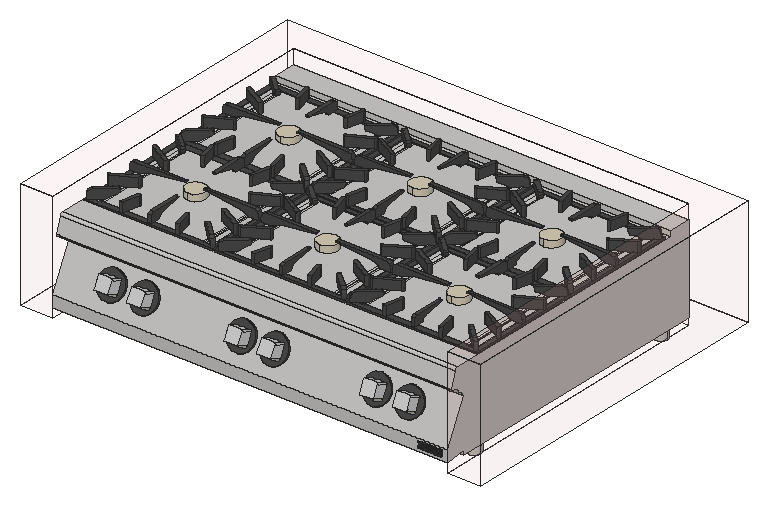
Revit family "QF_ZANUSSI_392033_Z9GCGL6C00", category Attrezzature speciali, Revit 2020
Family settings
  Quota connettore circolare = Usa diametro
  Tipo di parte = Normale
  Basato su piano di lavoro = No
  Sempre verticale = Sì
  Taglio con vuoti quando caricato = No
  Condiviso = No
  Punto di calcolo locali = No
Parameters (values of type "Standard")
  Weight = 85.00 kg
  Watts = 0 W
  Volts = 0 V
  URL Manufacturer = "http://www.zanussiprofessional.com"
  URL = "http://www.zanussiprofessional.com"
  Steam Supply Size = 0 mm
  Steam Supply Minimum Pressure = 0.0 Pa
  Steam Supply Maximum Pressure = 0.0 Pa
  Steam Consumption per Hour = 0
  Show Logo [instance] = yes
  Show Clearance [instance] = yes
  Refrigeration Suction Line Size = 0 mm
  Refrigeration Liquid Line Size = 0 mm
  Refrigerant Compressor Remote = yes
  Prospetto di default = 0 mm
  Produttore = "Zanussi"
  Phase = 0
  Modello = "Z9GCGL6C00"
  Length Actual = 1200 mm  # constant formula
  Item Number = "392033"
  Hot Water Size = 0 mm
  Height Actual = 250 mm  # constant formula
  HP = "0 HP"
  Gas Size = 12.7 mm
  Gas KW = 44
  Gas Input Pressure = 0.432928 W
  Direct Waste Size = 0 mm
  Descrizione = "6-BURNER(CAST IRON) GAS BOILING TOP 1200"
  Depth Actual = 900 mm  # constant formula
  Cycle = 0 Hz
  Condensate Return Size = 0 mm
  Compressed Air Volume = 0.0 L/s
  Compressed Air Size = 0 mm
  Compressed Air Pressure = 0.0 Pa
  Cold Water Size = 0 mm
  Accessory = yes
Reference planes
  plane 1 "Back": y = 0
  plane 2: z = 0
  plane 3 "Left": x = 0
  plane 4: x = 1200
  plane 5: z = 275
  plane 6: x = 600
  plane 7: y = 100
  plane 8: x = 1300
  plane 9: x = -100
  plane 10: y = -82
  plane 11: y = -790
  plane 12: y = -915
Forms (mm)
  Extrusion 1, solid, material "QF_Finishes_Stainless Steel"
    sketch origin (0, 0, 1) x (0, 1, 0) y (0, 0, 1)
      loop
        line (0, 23) -> (0, 289) -> (-69.85, 289) -> (-69.85, 274) -> (-879.358, 274)
        arc (-879.358, 274) -> (-884.643, 271.811) -> (-886.833, 266.526) r 7.474
        line (-886.833, 266.526) -> (-899.884, 221.011)
        arc (-899.884, 221.011) -> (-899.396, 218.379) -> (-897, 217.184) r 3
        line (-897, 217.184) -> (-886.802, 217.184) -> (-854.982, 185.364) -> (-915, 64.508) -> (-915, 29.508) -> (-858.645, 37.428)
        arc (-858.645, 37.428) -> (-856.101, 36.674) -> (-855, 34.259) r 3.2
        line (-855, 34.259) -> (-855, 23) -> (0, 23)
    from 0 to 1200
  Extrusion 2, solid, material "QF_Finishes_Clearance", visible <- "Show Clearance"
    sketch origin (0, 0, 0) x (1, 0, 0) y (0, 1, 0)
      loop
        line (0, -915) -> (0, 0) -> (1200, 0) -> (1200, -915) -> (1300, -915) -> (1300, 100) -> (-100, 100) -> (-100, -915) -> (0, -915)
    from 0 to 332.769
  Extrusion 3, solid, material "QF_Finishes_Stainless Steel"
    sketch origin (95.958, 6.577, 541) x (-1, 0, 0) y (0, 0, -1)
      loop
        circle (-1052.042, 464) r 6.35
    from -1.278 to 6.577
  Extrusion 4, solid, material "QF_Finishes_Stainless Steel"
    sketch origin (95.958, -202, 17.423) x (-1, 0, 0) y (0, -1, 0)
      loop
        circle (-1052.042, 464) r 6.35
    from -1.278 to 6.577
Dimensions and locks
  plane 3 "Left" to plane 4 = 1200 mm
  plane 5 to level = 275 mm
  equal spacing: plane 3 "Left", plane 6, plane 4
  plane 1 "Back" to plane 7 = 100 mm
  plane 9 to plane 3 "Left" = 100 mm
  plane 4 to plane 8 = 100 mm
  Extrusion 2 to Extrusion 1 sketch curve = 915 mm
  plane 1 "Back" to plane 10 to plane 11 to Extrusion 2 = 82 mm, 708 mm, 125 mm
  plane 1 "Back" to plane 12 = 915 mm
  aligned and locked: level to plane 2
Automatic sketch dimensions
  Extrusion 2 sketch curve to plane 9 = 0 mm
  Extrusion 2 sketch curve to plane 3 "Left" = 0 mm
  Extrusion 2 sketch curve to plane 4 = 0 mm
  Extrusion 2 sketch curve to plane 7 = 0 mm
  Extrusion 2 sketch curve to plane 8 = 0 mm
  plane 1 "Back" to Extrusion 2 sketch curve = 0 mm
  level to Extrusion 3 sketch curve = 77 mm
  plane 6 to Extrusion 3 sketch curve = 548 mm
  plane 5 to Extrusion 1 sketch curve = 0 mm
  Extrusion 1 sketch curve to plane 1 "Back" = 0 mm
  plane 5 to Extrusion 1 sketch curve = 52.989 mm
  Extrusion 1 sketch curve to Extrusion 1 sketch curve = 15.116 mm
  Extrusion 1 sketch curve to Extrusion 1 sketch curve = 2.884 mm
  plane 5 to Extrusion 1 sketch curve = 7.474 mm
  Extrusion 1 sketch curve to Extrusion 1 sketch curve = 13.051 mm
  plane 5 to Extrusion 1 sketch curve = 56.816 mm
  Extrusion 1 sketch curve to Extrusion 1 sketch curve = 10.198 mm
  level to Extrusion 1 sketch curve = 38.428 mm
  Extrusion 1 sketch curve to Extrusion 1 sketch curve = 56.355 mm
  Extrusion 1 sketch curve to Extrusion 1 sketch curve = 0.445 mm
  Extrusion 1 sketch curve to Extrusion 1 sketch curve = 3.2 mm
  Extrusion 1 sketch curve to Extrusion 1 sketch curve = 31.82 mm  (x2)
  plane 1 "Back" to Extrusion 1 sketch curve = 69.85 mm
  level to Extrusion 1 sketch curve = 30.508 mm
  Extrusion 1 sketch curve to Extrusion 1 sketch curve = 11.259 mm
  Extrusion 1 sketch curve to Extrusion 1 sketch curve = 35 mm
  Extrusion 1 sketch curve to plane 5 = 15 mm
  plane 9 to Extrusion 4 sketch curve = 1248 mm
  Extrusion 2 sketch curve to plane 12 = 0 mm  (x2)
  plane 11 to Extrusion 4 sketch curve = 124 mm
  radius of Extrusion 3 sketch curve = 6.35 mm
  radius of Extrusion 4 sketch curve = 6.35 mm
Nested families
  nested 1: "ZANUSSI_Logo" at (1149.92, -915, 98) x (1, 0, 0) z (0, -1, 0), Show Logo <- "Show Logo", visible <- "Show Logo", type "ZANUSSI_Logo"
    with Show Logo yes
  nested 2: "Piedino 24x19 mm" at (20, -82, 0), type "Piedino 24x19 mm"
  nested 3: "Piedino 24x19 mm" at (20, -791, 0), type "Piedino 24x19 mm"
  nested 4: "Piedino 24x19 mm" at (1181, -82, 0) x (-1, 0, 0) z (0, 0, 1), type "Piedino 24x19 mm"
  nested 5: "Piedino 24x19 mm" at (1181, -791, 0) x (-1, 0, 0) z (0, 0, 1), type "Piedino 24x19 mm"
  nested 6: "CONTROLLER_XP-ZAN" at (596.46, -882.317, 131.321) x (-1, 0, 0) z (0, -0.8956, 0.4448), type "CONTROLLER_XP-ZAN"
  nested 7: "CONTROLLER_XP-ZAN" at (598.54, -882.317, 131.321) x (1, 0, 0) z (0, -0.8956, 0.4448), type "CONTROLLER_XP-ZAN"
  nested 8: "CONTROLLER_XP-ZAN" at (203.54, -882.317, 131.321) x (1, 0, 0) z (0, -0.8956, 0.4448), type "CONTROLLER_XP-ZAN"
  nested 9: "CONTROLLER_XP-ZAN" at (201.46, -882.317, 131.321) x (-1, 0, 0) z (0, -0.8956, 0.4448), type "CONTROLLER_XP-ZAN"
  nested 10: "ZANUSSI_BURNER" at (3.068, -448.131, -575.85), type "ZANUSSI_BURNER"
    with Status "", Specification by User "", Revision Code "", Item Number "", Installed By "", Identify Quantity as Lot yes, Furnished By "", Foodservice Equipment Identifier yes
  nested 11: "ZANUSSI_BURNER" at (3.068, -444.989, -575.85), type "ZANUSSI_BURNER"
    with Status "", Specification by User "", Revision Code "", Item Number "", Installed By "", Identify Quantity as Lot yes, Furnished By "", Foodservice Equipment Identifier yes
  nested 12: "CONTROLLER_XP-ZAN" at (1010.201, -882.317, 131.321) x (1, 0, 0) z (0, -0.8956, 0.4448), type "CONTROLLER_XP-ZAN"
  nested 13: "CONTROLLER_XP-ZAN" at (1008.121, -882.317, 131.321) x (-1, 0, 0) z (0, -0.8956, 0.4448), type "CONTROLLER_XP-ZAN"
  nested 14: "ZANUSSI_BURNER" at (796.718, -448.131, -575.85) x (-1, 0, 0) z (0, 0, 1), type "ZANUSSI_BURNER"
    with Status "", Specification by User "", Revision Code "", Item Number "", Installed By "", Identify Quantity as Lot yes, Furnished By "", Foodservice Equipment Identifier yes
  nested 15: "ZANUSSI_BURNER" at (796.718, -444.989, -575.85) x (-1, 0, 0) z (0, 0, 1), type "ZANUSSI_BURNER"
    with Status "", Specification by User "", Revision Code "", Item Number "", Installed By "", Identify Quantity as Lot yes, Furnished By "", Foodservice Equipment Identifier yes
  nested 16: "ZANUSSI_BURNER" at (802.968, -448.131, -575.85), type "ZANUSSI_BURNER"
    with Status "", Specification by User "", Revision Code "", Item Number "", Installed By "", Identify Quantity as Lot yes, Furnished By "", Foodservice Equipment Identifier yes
  nested 17: "ZANUSSI_BURNER" at (802.968, -444.989, -575.85), type "ZANUSSI_BURNER"
    with Status "", Specification by User "", Revision Code "", Item Number "", Installed By "", Identify Quantity as Lot yes, Furnished By "", Foodservice Equipment Identifier yes
Connectors
  piping at (1148, 7.855, 77), diameter 12.7, driven by "Gas Size"
    settings: on Extrusion 3, index 14, connector inside diameter 12.8 mm, connector length 0 mm, flow factor 0, pipe flow 0.0 L/s, pressure drop 0.0 Pa, fitting loss kfactor 0, connector angle 0.00°, fixture units 0, engagement length 0 mm, angle of deflection 0.00°, flow configuration 1, flow direction 1, fitting loss method 0, system type 29, joint type 0, gender type 0, connector reference index -1, connector utility 0, adjustable connector no, is connector primary yes, connector description "Gas Connection"
  piping at (1148, -666, 16.145), diameter 12.7, driven by "Gas Size"
    settings: on Extrusion 4, index 15, connector inside diameter 12.8 mm, connector length 0 mm, flow factor 0, pipe flow 0.0 L/s, pressure drop 0.0 Pa, fitting loss kfactor 0, connector angle 0.00°, fixture units 0, engagement length 0 mm, angle of deflection 0.00°, flow configuration 1, flow direction 1, fitting loss method 0, system type 29, joint type 0, gender type 0, connector reference index -1, connector utility 0, adjustable connector no, is connector primary no, connector description "Gas Connection"
Definition of nested family "ZANUSSI_Logo"
  Parameters (values of type "ZANUSSI_Logo")
    Show Logo [instance] = yes
    Default Elevation = 1219.2 mm
  Reference planes
    plane 1 "Center (Front/Back)": y = -49
    plane 2: z = 0
    plane 3 "Center (Left/Right)": x = -9.92
  Forms (mm)
    Extrusion 1, solid
      sketch origin (0, 0, 0) x (1, 0, 0) y (0, 1, 0)
        loop
          line (-1219.2, 1219.2) -> (-1219.2, -1219.2) -> (1219.2, -1219.2) -> (1219.2, 1219.2) -> (-1219.2, 1219.2)
      from 0 to -304.8
    Extrusion 2, solid, visible <- "Show Logo"
      sketch origin (106.353, -215.165, -50) x (1, 0, 0) y (0, 1, 0)
        loop
          line (-137.419, 156.48) -> (-137.419, 160.444) -> (-143.365, 160.444) -> (-137.419, 172.566) -> (-137.419, 175.851) -> (-147.274, 175.851) -> (-147.274, 172.226) -> (-142.063, 172.339) -> (-147.728, 160.444) -> (-147.728, 156.48) -> (-137.419, 156.48)
        loop
          line (-131.729, 163.73) -> (-129.463, 163.73) -> (-130.596, 172.54) -> (-131.729, 163.73)
        loop
          line (-132.748, 156.48) -> (-132.182, 160.218) -> (-128.897, 160.218) -> (-128.33, 156.48) -> (-124.252, 156.48) -> (-127.877, 175.851) -> (-133.315, 175.851) -> (-136.826, 156.48) -> (-132.748, 156.48)
        loop
          line (-123.75, 175.851) -> (-123.75, 156.48) -> (-120.238, 156.48) -> (-120.238, 169.281) -> (-116.953, 156.48) -> (-112.648, 156.48) -> (-112.648, 175.851) -> (-116.273, 175.851) -> (-116.273, 163.503) -> (-119.558, 175.851) -> (-123.75, 175.851)
        loop
          arc (-111.742, 161.27) -> (-106.896, 156.448) -> (-101.433, 160.558) r 5.22
          line (-101.433, 160.558) -> (-101.433, 175.851) -> (-105.398, 175.851) -> (-105.398, 161.464)
          arc (-105.398, 161.464) -> (-106.44, 160.263) -> (-107.777, 161.124) r 1.214
          line (-107.777, 161.124) -> (-107.777, 175.851) -> (-111.742, 175.851) -> (-111.742, 161.27)
        loop
          line (-94.069, 169.734) -> (-90.331, 169.734) -> (-90.269, 171.495)
          arc (-90.269, 171.495) -> (-90.53, 173.458) -> (-91.761, 175.009) r 3.719
          arc (-91.761, 175.009) -> (-95.38, 176.189) -> (-98.998, 175.009) r 6.139
          arc (-98.998, 175.009) -> (-100.474, 172.145) -> (-100.291, 168.927) r 6.125
          arc (-100.291, 168.927) -> (-99.079, 167.149) -> (-97.591, 165.594) r 13.068
          line (-97.591, 165.594) -> (-95.921, 164.113)
          arc (-95.921, 164.113) -> (-94.934, 163.275) -> (-94.167, 162.233) r 5.571
          arc (-94.167, 162.233) -> (-94.357, 160.41) -> (-96.143, 160.003) r 1.573
          arc (-96.143, 160.003) -> (-96.681, 160.547) -> (-96.911, 161.277) r 1.631
          arc (-96.911, 161.277) -> (-96.929, 161.791) -> (-96.911, 162.305) r 7.441
          arc (-96.911, 162.305) -> (-96.895, 162.791) -> (-96.911, 163.277) r 7.03
          line (-96.911, 163.277) -> (-100.866, 163.277)
          arc (-100.866, 163.277) -> (-100.828, 160.504) -> (-99.735, 157.955) r 7.131
          arc (-99.735, 157.955) -> (-94.571, 156.484) -> (-90.221, 159.633) r 6.148
          arc (-90.221, 159.633) -> (-90.141, 162.884) -> (-91.536, 165.823) r 7.021
          line (-91.536, 165.823) -> (-95.882, 169.734)
          arc (-95.882, 169.734) -> (-96.47, 170.472) -> (-96.785, 171.362) r 2.858
          arc (-96.785, 171.362) -> (-95.666, 172.959) -> (-94.069, 171.84) r 1.379
          line (-94.069, 171.84) -> (-94.069, 169.734)
        loop
          line (-82.771, 169.734) -> (-79.033, 169.734) -> (-78.971, 171.495)
          arc (-78.971, 171.495) -> (-79.232, 173.458) -> (-80.463, 175.009) r 3.719
          arc (-80.463, 175.009) -> (-84.081, 176.189) -> (-87.7, 175.009) r 6.139
          arc (-87.7, 175.009) -> (-89.175, 172.145) -> (-88.993, 168.927) r 6.125
          arc (-88.993, 168.927) -> (-87.781, 167.149) -> (-86.293, 165.594) r 13.068
          line (-86.293, 165.594) -> (-84.623, 164.113)
          arc (-84.623, 164.113) -> (-83.636, 163.275) -> (-82.869, 162.233) r 5.571
          arc (-82.869, 162.233) -> (-83.059, 160.41) -> (-84.845, 160.003) r 1.573
          arc (-84.845, 160.003) -> (-85.383, 160.547) -> (-85.613, 161.277) r 1.631
          arc (-85.613, 161.277) -> (-85.631, 161.791) -> (-85.613, 162.305) r 7.441
          arc (-85.613, 162.305) -> (-85.596, 162.791) -> (-85.613, 163.277) r 7.03
          line (-85.613, 163.277) -> (-89.568, 163.277)
          arc (-89.568, 163.277) -> (-89.53, 160.504) -> (-88.437, 157.955) r 7.131
          arc (-88.437, 157.955) -> (-83.272, 156.484) -> (-78.922, 159.633) r 6.148
          arc (-78.922, 159.633) -> (-78.843, 162.884) -> (-80.238, 165.823) r 7.021
          line (-80.238, 165.823) -> (-84.584, 169.734)
          arc (-84.584, 169.734) -> (-85.171, 170.472) -> (-85.486, 171.362) r 2.858
          arc (-85.486, 171.362) -> (-84.368, 172.959) -> (-82.771, 171.84) r 1.379
          line (-82.771, 171.84) -> (-82.771, 169.734)
        loop
          line (-78.21, 175.851) -> (-78.21, 156.48) -> (-74.245, 156.48) -> (-74.245, 175.851) -> (-78.21, 175.851)
      from 50 to 51.6
  Dimensions and locks
    aligned and locked: plane 2 to Extrusion 1
    aligned and locked: level to Extrusion 1
Definition of nested family "Piedino 24x19 mm"
  Parameters (values of type "Piedino 24x19 mm")
    Default Elevation = 0 mm
    P = 930 mm
    L = 400 mm
    H = 290 mm
  Reference planes
    plane 1: y = 0
    plane 2: z = 0
    plane 3: x = 0
    plane 4: z = 290
    plane 5: z = 24
    plane 6: z = 55
  Forms (mm)
    Extrusion 1, solid
      sketch origin (-373.847, 979.72, 0) x (1, 0, 0) y (0, 1, 0)
        loop
          circle (373.847, -979.72) r 19
      from 0 to 24
  Dimensions and locks
    "H": plane 4 to level
    plane 4 to plane 5 to level = 266 mm, 24 mm
    level to plane 6 = 55 mm
    aligned and locked: level to plane 2
  Automatic sketch dimensions
    plane 3 to Extrusion 1 sketch curve = 0 mm
    plane 1 to Extrusion 1 sketch curve = 0 mm
    radius of Extrusion 1 sketch curve = 19 mm
Definition of nested family "CONTROLLER_XP-ZAN"
  Parameters (values of type "CONTROLLER_XP-ZAN")
    Default Elevation = 0 mm
  Reference planes
    plane 1 "Centro (Fronte/Retro)": y = 0
    plane 2: z = 0
    plane 3 "Centro (Sinistra/Destra)": x = 0
    plane 4: x = -51.067
    plane 5: x = 51.067
    plane 6: x = 93.481
    plane 7: x = -93.481
  Forms (mm)
    Extrusion 1, solid
      sketch origin (0, 0, 0) x (1, 0, 0) y (0, 1, 0)
        loop
          line (-1219.2, 1219.2) -> (-1219.2, -1219.2) -> (1219.2, -1219.2) -> (1219.2, 1219.2) -> (-1219.2, 1219.2)
      from 0 to -304.8
    Extrusion 2, solid
      sketch origin (-46.381, -48.923, 0) x (1, 0, 0) y (0, 1, 0)
        loop
          circle (-4.687, 48.923) r 42.414
      from 0 to 3.175
    Blend 3, solid
      base sketch origin (-46.381, -48.923, 3.175) x (1, 0, 0) y (0, 1, 0)
        loop
          line (-23.687, 25.923) -> (14.313, 25.923)
          arc (14.313, 25.923) -> (17.142, 27.095) -> (18.313, 29.923) r 4
          line (18.313, 29.923) -> (18.313, 66.519)
          arc (18.313, 66.519) -> (17.342, 69.132) -> (14.901, 70.476) r 4
          arc (14.901, 70.476) -> (-4.687, 71.923) -> (-24.275, 70.476) r 133.25
          arc (-24.275, 70.476) -> (-26.716, 69.132) -> (-27.687, 66.519) r 4
          line (-27.687, 66.519) -> (-27.687, 29.923)
          arc (-27.687, 29.923) -> (-26.515, 27.095) -> (-23.687, 25.923) r 4
      top sketch origin (-46.381, -48.923, 3.175) x (1, 0, 0) y (0, 1, 0)
        loop
          line (-25.687, 66.519) -> (-25.687, 29.923)
          arc (-25.687, 29.923) -> (-25.101, 28.509) -> (-23.687, 27.923) r 2
          line (-23.687, 27.923) -> (14.313, 27.923)
          arc (14.313, 27.923) -> (15.727, 28.509) -> (16.313, 29.923) r 2
          line (16.313, 29.923) -> (16.313, 66.519)
          arc (16.313, 66.519) -> (15.828, 67.825) -> (14.607, 68.498) r 2
          arc (14.607, 68.498) -> (-4.687, 69.923) -> (-23.981, 68.498) r 131.25
          arc (-23.981, 68.498) -> (-25.201, 67.825) -> (-25.687, 66.519) r 2
      from 0 to 33
  Lines and regions (mm)
    Split face 1
      outline origin (-46.381, -48.923, 36.175) x (1, 0, 0) y (0, 1, 0)
        loop
          line (-6.687, 69.908) -> (-6.687, 62.923) -> (-2.687, 62.923) -> (-2.687, 69.908)
  Dimensions and locks
    aligned and locked: plane 2 to Extrusion 1
    aligned and locked: level to Extrusion 1
Definition of nested family "ZANUSSI_BURNER"
  Parameters (values of type "ZANUSSI_BURNER")
    Weight in Pounds = 0
    URL Cutsheet = ""
    URL = "www.electrolux.com"
    Type Mark [instance] = ""
    Status [instance] = ""
    Specification by User [instance] = ""
    Specification by Manufacturer = ""
    Show Clearance [instance] = yes
    Serial Number = ""
    Seismic Rating = ""
    SMACNA No = ""
    Revision Code [instance] = ""
    Default Elevation = 0 mm
    Omniclass Number and Title = ""
    NAFEM Spec ID Number = ""
    Model = "392010"
    Masterspec = ""
    Manufacturer = "ELECTROLUX"
    Item Number [instance] = ""
    Installed By [instance] = ""
    Identify Quantity as Lot [instance] = yes
    Furnished By [instance] = ""
    Foodservice Equipment Identifier [instance] = yes
    Description = ""
    CSI MasterFormat = ""
    CSI Master Format = ""
  Reference planes
    plane 1 "BACK": y = 0
    plane 2: z = 0
    plane 3 "LEFT": x = 0
    plane 4 "RIGHT": x = 393.7
    plane 5 "FRONT": y = -355.6
    plane 6 "TOP": z = 908.85
    plane 7 "Center Y": x = 196.85
    plane 8 "Center X": y = -177.8
    plane 9 "Base": z = 150
    plane 10: z = 850.85
  Forms (mm)
    Extrusion 1, solid
      sketch origin (-6.433, -404.961, 5) x (1, 0, 0) y (0, 0, -1)
        loop
          arc (7.142, -850.85) -> (6.739, -862.989) -> (9.761, -874.752) r 42.809
          line (9.761, -874.752) -> (19.961, -879.425) -> (173.122, -879.425)
          arc (173.122, -879.425) -> (174.316, -878.312) -> (173.289, -877.043) r 1.197
          line (173.289, -877.043) -> (64.848, -864.021)
          arc (64.848, -864.021) -> (50.111, -858.738) -> (36.589, -850.85) r 85.245
          line (36.589, -850.85) -> (7.142, -850.85)
        loop
          line (399.424, -850.85) -> (369.977, -850.85)
          arc (369.977, -850.85) -> (356.455, -858.738) -> (341.718, -864.021) r 85.245
          line (341.718, -864.021) -> (233.277, -877.043)
          arc (233.277, -877.043) -> (232.25, -878.312) -> (233.444, -879.425) r 1.197
          line (233.444, -879.425) -> (386.605, -879.425) -> (396.806, -874.752)
          arc (396.806, -874.752) -> (399.827, -862.989) -> (399.424, -850.85) r 42.809
      from 224.564 to 234.564
    Extrusion 2, solid
      sketch origin (196.85, 175.397, 1219.2) x (0, 1, 0) y (0, 0, 1)
        loop
          line (-204.463, -363.35) -> (-175.397, -363.35) -> (-175.397, -339.506)
          arc (-175.397, -339.506) -> (-181.025, -338.266) -> (-185.611, -334.775) r 13.39
          line (-185.611, -334.775) -> (-278.903, -334.775)
          arc (-278.903, -334.775) -> (-280.097, -335.888) -> (-279.07, -337.157) r 1.197
          line (-279.07, -337.157) -> (-227.151, -347.464)
          arc (-227.151, -347.464) -> (-213.741, -352.457) -> (-204.463, -363.35) r 28.426
        loop
          arc (-496.332, -363.35) -> (-487.053, -352.457) -> (-473.644, -347.464) r 28.426
          line (-473.644, -347.464) -> (-421.725, -337.157)
          arc (-421.725, -337.157) -> (-420.697, -335.888) -> (-421.891, -334.775) r 1.197
          line (-421.891, -334.775) -> (-515.184, -334.775)
          arc (-515.184, -334.775) -> (-519.769, -338.266) -> (-525.397, -339.506) r 13.39
          line (-525.397, -339.506) -> (-525.397, -363.35) -> (-496.332, -363.35)
      from -5 to 5
    Extrusion 3, solid
      sketch origin (-6.433, 367.064, 850.85) x (0, -1, 0) y (1, 0, 0)
        loop
          line (722.664, 6.433) -> (722.664, 400.133) -> (367.064, 400.133) -> (367.064, 6.433) -> (722.664, 6.433)
        loop
          line (382.064, 21.433) -> (707.664, 21.433) -> (707.664, 385.133) -> (382.064, 385.133) -> (382.064, 21.433)
      from 0 to 5
    Extrusion 4, solid
      sketch origin (-18.933, 367.064, 855.85) x (0, -1, 0) y (1, 0, 0)
        loop
          circle (541.667, 215.783) r 30
      from -1.321 to 17.134
    Extrusion 5, solid
      sketch origin (-6.433, -367.064, 0) x (1, 0, 0) y (0, 0, -1)
        loop
          line (21.433, -855.85) -> (36.589, -855.85)
          arc (36.589, -855.85) -> (40.561, -855.243) -> (44.305, -853.783) r 18.259
          arc (44.305, -853.783) -> (45.997, -853.366) -> (47.69, -853.783) r 3.649
          arc (47.69, -853.783) -> (49.901, -854.522) -> (52.232, -854.529) r 7.328
          line (52.232, -854.529) -> (354.334, -854.529)
          arc (354.334, -854.529) -> (356.666, -854.522) -> (358.877, -853.783) r 7.328
          arc (358.877, -853.783) -> (360.569, -853.366) -> (362.261, -853.783) r 3.649
          arc (362.261, -853.783) -> (366.005, -855.243) -> (369.977, -855.85) r 18.259
          line (369.977, -855.85) -> (385.133, -855.85) -> (385.133, -850.85) -> (21.433, -850.85) -> (21.433, -855.85)
      from 26.464 to 352.064
    Extrusion 6, solid
      sketch origin (83.284, -458.334, 5) x (0.742103, 0.670286, 0) y (0, 0, -1)
        loop
          arc (88.629, -864.012) -> (73.909, -858.731) -> (60.402, -850.85) r 85.245
          line (60.402, -850.85) -> (14.993, -850.85)
          arc (14.993, -850.85) -> (14.642, -862.948) -> (17.686, -874.663) r 42.876
          line (17.686, -874.663) -> (27.899, -879.425) -> (89.664, -879.425)
          arc (89.664, -879.425) -> (92.39, -878.352) -> (93.654, -875.709) r 4
          arc (93.654, -875.709) -> (92.562, -869.25) -> (88.629, -864.012) r 13.87
        loop
          arc (457.638, -864.012) -> (453.704, -869.25) -> (452.613, -875.709) r 13.87
          arc (452.613, -875.709) -> (453.876, -878.352) -> (456.603, -879.425) r 4
          line (456.603, -879.425) -> (518.367, -879.425) -> (528.581, -874.663)
          arc (528.581, -874.663) -> (531.624, -862.948) -> (531.273, -850.85) r 42.876
          line (531.273, -850.85) -> (485.865, -850.85)
          arc (485.865, -850.85) -> (472.357, -858.731) -> (457.638, -864.012) r 85.245
      from 127.064 to 137.064
    Extrusion 7, solid
      sketch origin (310.416, -458.334, 5) x (-0.742103, 0.670286, 0) y (0, 0, 1)
        loop
          arc (88.629, 864.012) -> (92.562, 869.25) -> (93.654, 875.709) r 13.87
          arc (93.654, 875.709) -> (92.39, 878.352) -> (89.664, 879.425) r 4
          line (89.664, 879.425) -> (27.899, 879.425) -> (17.686, 874.663)
          arc (17.686, 874.663) -> (14.642, 862.948) -> (14.993, 850.85) r 42.876
          line (14.993, 850.85) -> (60.402, 850.85)
          arc (60.402, 850.85) -> (73.909, 858.731) -> (88.629, 864.012) r 85.245
        loop
          arc (457.638, 864.012) -> (472.357, 858.731) -> (485.865, 850.85) r 85.245
          line (485.865, 850.85) -> (531.273, 850.85)
          arc (531.273, 850.85) -> (531.624, 862.948) -> (528.581, 874.663) r 42.876
          line (528.581, 874.663) -> (518.367, 879.425) -> (456.603, 879.425)
          arc (456.603, 879.425) -> (453.876, 878.352) -> (452.613, 875.709) r 4
          arc (452.613, 875.709) -> (453.704, 869.25) -> (457.638, 864.012) r 13.87
      from 127.064 to 137.064
    Extrusion 8, solid
      sketch origin (-6.433, 367.064, 855.85) x (0, -1, 0) y (1, 0, 0)
        loop
          arc (626.166, 9.428) -> (632.956, 7.454) -> (634.93, 14.244) r 5
          line (634.93, 14.244) -> (600.514, 76.878)
          arc (600.514, 76.878) -> (593.724, 78.852) -> (591.75, 72.062) r 5
          line (591.75, 72.062) -> (626.166, 9.428)
        loop
          line (463.562, 9.428) -> (497.977, 72.062)
          arc (497.977, 72.062) -> (496.003, 78.852) -> (489.213, 76.878) r 5
          line (489.213, 76.878) -> (454.798, 14.244)
          arc (454.798, 14.244) -> (456.772, 7.454) -> (463.562, 9.428) r 5
        loop
          line (626.166, 397.138) -> (591.75, 334.504)
          arc (591.75, 334.504) -> (593.724, 327.714) -> (600.514, 329.689) r 5
          line (600.514, 329.689) -> (634.93, 392.323)
          arc (634.93, 392.323) -> (632.956, 399.113) -> (626.166, 397.138) r 5
        loop
          arc (463.562, 397.138) -> (456.772, 399.113) -> (454.798, 392.323) r 5
          line (454.798, 392.323) -> (489.213, 329.689)
          arc (489.213, 329.689) -> (496.003, 327.714) -> (497.977, 334.504) r 5
          line (497.977, 334.504) -> (463.562, 397.138)
        loop
          line (715.14, 293.499) -> (666.703, 282.317)
          arc (666.703, 282.317) -> (662.956, 276.32) -> (668.953, 272.573) r 5
          line (668.953, 272.573) -> (717.389, 283.756)
          arc (717.389, 283.756) -> (721.136, 289.752) -> (715.14, 293.499) r 5
        loop
          arc (715.14, 113.067) -> (721.136, 116.814) -> (717.389, 122.811) r 5
          line (717.389, 122.811) -> (668.953, 133.993)
          arc (668.953, 133.993) -> (662.956, 130.246) -> (666.703, 124.249) r 5
          line (666.703, 124.249) -> (715.14, 113.067)
        loop
          arc (374.588, 293.499) -> (368.591, 289.752) -> (372.338, 283.756) r 5
          line (372.338, 283.756) -> (420.775, 272.573)
          arc (420.775, 272.573) -> (426.771, 276.32) -> (423.024, 282.317) r 5
          line (423.024, 282.317) -> (374.588, 293.499)
        loop
          line (374.588, 113.067) -> (423.024, 124.249)
          arc (423.024, 124.249) -> (426.771, 130.246) -> (420.775, 133.993) r 5
          line (420.775, 133.993) -> (372.338, 122.811)
          arc (372.338, 122.811) -> (368.591, 116.814) -> (374.588, 113.067) r 5
      from 0 to 28.575
  Lines and regions (mm)
    symbolic lines
      curve 1: line (157.475, -170.397, 150) -> (157.475, -15, 150)
      curve 2: line (236.225, -170.397, 150) -> (236.225, -15, 150)
      curve 3: arc (158.678, -180.397, 0) -> (170.734, -200.207, 0) -> (191.85, -209.795, 0) r 39.375
      curve 4: line (163.825, -170.397, 150) -> (163.825, -15, 150)
      curve 5: line (229.875, -170.397, 150) -> (229.875, -15, 150)
      curve 6: line (144.775, -170.397, 150) -> (144.775, -15, 150)
      curve 7: line (248.925, -170.397, 150) -> (248.925, -15, 150)
      curve 8: arc (145.678, -180.397, 0) -> (161.728, -209.187, 0) -> (191.85, -222.573, 0) r 52.075
      curve 9: arc (201.85, -209.795, 0) -> (222.966, -200.207, 0) -> (235.022, -180.397, 0) r 39.375
      curve 10: arc (201.85, -222.573, 0) -> (231.931, -209.224, 0) -> (248.001, -180.504, 0) r 52.075
  Dimensions and locks
    equal spacing: plane 3 "LEFT", plane 7 "Center Y", plane 4 "RIGHT"
    plane 3 "LEFT" to plane 4 "RIGHT" = 393.7 mm
    equal spacing: plane 5 "FRONT", plane 8 "Center X", plane 1 "BACK"
    plane 5 "FRONT" to plane 1 "BACK" = 355.6 mm
    plane 6 "TOP" to level = 908.85 mm
    plane 9 "Base" to level = 150 mm
    plane 6 "TOP" to plane 10 = 58 mm  (x2)
    locked: Extrusion 4 sketch curve to plane 7 "Center Y" at 0
    aligned and locked: level to plane 2
  Automatic sketch dimensions
    plane 1 "BACK" to curve 7 = 15 mm
    plane 7 "Center Y" to curve 7 = 52.075 mm
    curve 7 to curve 2 = 12.7 mm
    curve 2 to curve 5 = 6.35 mm
    curve 4 to curve 1 = 6.35 mm
    plane 8 "Center X" to curve 6 = 7.403 mm
    curve 1 to curve 6 = 12.7 mm
    plane 3 "LEFT" to Extrusion 1 sketch curve = 0.709 mm
    plane 3 "LEFT" to Extrusion 1 sketch curve = 3.327 mm
    Extrusion 1 sketch curve to Extrusion 1 sketch curve = 10.201 mm
    plane 10 to Extrusion 1 sketch curve = 5 mm  (x2)
    Extrusion 1 sketch curve to Extrusion 1 sketch curve = 29.447 mm
    Extrusion 1 sketch curve to Extrusion 1 sketch curve = 12.704 mm  (x2)
    Extrusion 1 sketch curve to Extrusion 1 sketch curve = 15.555 mm  (x2)
    plane 3 "LEFT" to Extrusion 1 sketch curve = 79.689 mm
    Extrusion 1 sketch curve to plane 7 "Center Y" = 30.161 mm
    Extrusion 1 sketch curve to Extrusion 1 sketch curve = 0.167 mm  (x2)
    plane 7 "Center Y" to Extrusion 1 sketch curve = 29.994 mm
    Extrusion 1 sketch curve to plane 4 "RIGHT" = 79.689 mm
    plane 10 to Extrusion 1 sketch curve = 18.171 mm
    Extrusion 1 sketch curve to plane 4 "RIGHT" = 58.415 mm
    Extrusion 1 sketch curve to plane 4 "RIGHT" = 13.528 mm
    Extrusion 1 sketch curve to plane 4 "RIGHT" = 3.327 mm
    Extrusion 1 sketch curve to plane 4 "RIGHT" = 0.709 mm
    Extrusion 1 sketch curve to Extrusion 1 sketch curve = 23.902 mm  (x2)
    Extrusion 1 sketch curve to plane 6 "TOP" = 26.807 mm  (x2)
    Extrusion 1 sketch curve to Extrusion 1 sketch curve = 1.185 mm  (x2)
    Extrusion 1 sketch curve to Extrusion 1 sketch curve = 5.694 mm
    Extrusion 2 sketch curve to plane 1 "BACK" = 0 mm
    plane 1 "BACK" to Extrusion 2 sketch curve = 10.213 mm
    plane 10 to Extrusion 2 sketch curve = 5 mm  (x2)
    plane 1 "BACK" to Extrusion 2 sketch curve = 29.066 mm
    plane 10 to Extrusion 2 sketch curve = 20.886 mm
    Extrusion 2 sketch curve to Extrusion 2 sketch curve = 22.688 mm  (x2)
    Extrusion 2 sketch curve to plane 10 = 7.392 mm  (x2)
    Extrusion 2 sketch curve to plane 6 "TOP" = 24.425 mm
    Extrusion 2 sketch curve to Extrusion 2 sketch curve = 51.752 mm
    Extrusion 2 sketch curve to plane 6 "TOP" = 26.807 mm  (x2)
    Extrusion 2 sketch curve to Extrusion 2 sketch curve = 0.167 mm  (x2)
    Extrusion 2 sketch curve to plane 8 "Center X" = 68.528 mm
    Extrusion 2 sketch curve to plane 5 "FRONT" = 60.248 mm
    Extrusion 2 sketch curve to Extrusion 2 sketch curve = 2.895 mm
    Extrusion 2 sketch curve to plane 5 "FRONT" = 15.813 mm
    Extrusion 2 sketch curve to plane 5 "FRONT" = 5.6 mm
    Extrusion 2 sketch curve to Extrusion 2 sketch curve = 4.731 mm
    Extrusion 2 sketch curve to Extrusion 2 sketch curve = 23.844 mm
    Extrusion 2 sketch curve to Extrusion 2 sketch curve = 1.185 mm
    plane 1 "BACK" to Extrusion 3 sketch curve = 0 mm
    Extrusion 3 sketch curve to plane 3 "LEFT" = 0 mm
    plane 5 "FRONT" to Extrusion 3 sketch curve = 0 mm
    Extrusion 3 sketch curve to plane 4 "RIGHT" = 0 mm
    plane 1 "BACK" to Extrusion 3 sketch curve = 15 mm
    Extrusion 3 sketch curve to plane 5 "FRONT" = 15 mm
    plane 3 "LEFT" to Extrusion 3 sketch curve = 15 mm
    Extrusion 3 sketch curve to plane 4 "RIGHT" = 15 mm
    Extrusion 3 to Extrusion 4 sketch curve = 159.603 mm
    Extrusion 5 sketch curve to plane 10 = 0 mm
    plane 3 "LEFT" to Extrusion 5 sketch curve = 15 mm
    Extrusion 5 sketch curve to Extrusion 5 sketch curve = 14.402 mm
    plane 10 to Extrusion 5 sketch curve = 5 mm
    Extrusion 5 sketch curve to Extrusion 5 sketch curve = 15.156 mm
    plane 10 to Extrusion 5 sketch curve = 2.933 mm  (x3)
    Extrusion 5 sketch curve to Extrusion 5 sketch curve = 7.716 mm  (x2)
    Extrusion 5 sketch curve to Extrusion 5 sketch curve = 0 mm  (x3)
    Extrusion 5 sketch curve to Extrusion 5 sketch curve = 1.692 mm  (x2)
    Extrusion 5 sketch curve to Extrusion 5 sketch curve = 3.385 mm  (x2)
    Extrusion 5 sketch curve to plane 10 = 3.559 mm  (x2)
    plane 10 to Extrusion 5 sketch curve = 3.679 mm
    Extrusion 5 sketch curve to plane 4 "RIGHT" = 45.799 mm
    Extrusion 5 sketch curve to Extrusion 5 sketch curve = 1.143 mm
    Extrusion 5 sketch curve to plane 10 = 13.244 mm
    Extrusion 5 sketch curve to plane 4 "RIGHT" = 15 mm
    plane 10 to Extrusion 6 sketch curve = 5 mm  (x2)
    Extrusion 6 sketch curve to Extrusion 6 sketch curve = 2.692 mm  (x2)
    Extrusion 6 sketch curve to Extrusion 6 sketch curve = 10.213 mm  (x2)
    plane 10 to Extrusion 6 sketch curve = 12.281 mm
    Extrusion 6 sketch curve to Extrusion 6 sketch curve = 29.348 mm  (x2)
    Extrusion 6 sketch curve to Extrusion 6 sketch curve = 3.155 mm  (x2)
    Extrusion 6 sketch curve to Extrusion 6 sketch curve = 22.572 mm
    Extrusion 6 sketch curve to Extrusion 6 sketch curve = 8.81 mm
    Extrusion 6 sketch curve to Extrusion 6 sketch curve = 9.845 mm  (x2)
    Extrusion 6 sketch curve to Extrusion 6 sketch curve = 3.99 mm  (x2)
    Extrusion 6 sketch curve to Extrusion 6 sketch curve = 0 mm  (x2)
    Extrusion 6 sketch curve to Extrusion 6 sketch curve = 49.533 mm
    Extrusion 6 sketch curve to plane 10 = 64.377 mm
    Extrusion 6 sketch curve to Extrusion 6 sketch curve = 326.397 mm
    Extrusion 6 sketch curve to plane 6 "TOP" = 28.141 mm
    Extrusion 6 sketch curve to Extrusion 6 sketch curve = 16.281 mm
    Extrusion 6 sketch curve to Extrusion 6 sketch curve = 1.035 mm
    Extrusion 6 sketch curve to Extrusion 6 sketch curve = 19.417 mm
    Extrusion 6 sketch curve to Extrusion 6 sketch curve = 4.763 mm  (x2)
    Extrusion 6 sketch curve to Extrusion 6 sketch curve = 3.716 mm
    plane 10 to Extrusion 7 sketch curve = 5 mm  (x2)
    Extrusion 7 sketch curve to Extrusion 7 sketch curve = 2.692 mm  (x2)
    Extrusion 7 sketch curve to Extrusion 7 sketch curve = 10.213 mm  (x2)
    plane 10 to Extrusion 7 sketch curve = 12.281 mm
    Extrusion 7 sketch curve to Extrusion 7 sketch curve = 29.348 mm  (x2)
    Extrusion 7 sketch curve to Extrusion 7 sketch curve = 3.155 mm  (x2)
    Extrusion 7 sketch curve to Extrusion 7 sketch curve = 22.572 mm
    Extrusion 7 sketch curve to Extrusion 7 sketch curve = 8.81 mm
    Extrusion 7 sketch curve to Extrusion 7 sketch curve = 9.845 mm  (x2)
    Extrusion 7 sketch curve to Extrusion 7 sketch curve = 3.99 mm  (x2)
    Extrusion 7 sketch curve to Extrusion 7 sketch curve = 0 mm  (x2)
    Extrusion 7 sketch curve to Extrusion 7 sketch curve = 21.306 mm
    Extrusion 7 sketch curve to plane 10 = 64.377 mm  (x2)
    Extrusion 7 sketch curve to Extrusion 7 sketch curve = 326.397 mm
    Extrusion 7 sketch curve to plane 6 "TOP" = 28.141 mm
    Extrusion 7 sketch curve to Extrusion 7 sketch curve = 16.281 mm
    Extrusion 7 sketch curve to Extrusion 7 sketch curve = 1.035 mm
    Extrusion 7 sketch curve to Extrusion 7 sketch curve = 19.417 mm
    Extrusion 7 sketch curve to Extrusion 7 sketch curve = 7.281 mm
    Extrusion 7 sketch curve to Extrusion 7 sketch curve = 10.713 mm
    curve 3 to curve 8 = 0 mm  (x2)
    curve 3 to curve 9 = 0 mm  (x2)
    curve 3 to curve 10 = 0 mm  (x2)
    curve 3 to plane 7 "Center Y" = 0 mm
    curve 8 to plane 8 "Center X" = 2.597 mm
    curve 8 to plane 7 "Center Y" = 51.172 mm
    curve 3 to plane 8 "Center X" = 2.597 mm
    curve 8 to curve 3 = 12.999 mm
    curve 3 to plane 7 "Center Y" = 5 mm
    curve 8 to plane 7 "Center Y" = 5 mm
    plane 7 "Center Y" to curve 10 = 5 mm
    curve 9 to plane 8 "Center X" = 2.597 mm
    plane 7 "Center Y" to curve 9 = 38.172 mm
    curve 10 to plane 8 "Center X" = 2.704 mm
    curve 9 to curve 10 = 12.979 mm
    curve 10 to plane 8 "Center X" = 44.773 mm
    Extrusion 8 sketch curve to Extrusion 3 = 5.275 mm  (x2)
    Extrusion 8 sketch curve to Extrusion 8 sketch curve = 1.125 mm  (x16)
    Extrusion 3 to Extrusion 8 sketch curve = 38.711 mm  (x2)
    Extrusion 8 sketch curve to Extrusion 3 = 7.19 mm  (x3)
    Extrusion 3 to Extrusion 8 sketch curve = 72.734 mm  (x2)
    Extrusion 8 sketch curve to Extrusion 8 sketch curve = 4.382 mm  (x16)
    Extrusion 8 sketch curve to Extrusion 3 = 2.995 mm  (x4)
    Extrusion 8 sketch curve to Extrusion 8 sketch curve = 34.416 mm  (x4)
    Extrusion 3 to Extrusion 8 sketch curve = 50.629 mm  (x3)
    Extrusion 8 sketch curve to Extrusion 8 sketch curve = 93.773 mm  (x2)
    Extrusion 3 to Extrusion 8 sketch curve = 40.96 mm  (x2)
    Extrusion 8 sketch curve to Extrusion 3 = 7.476 mm  (x2)
    Extrusion 8 sketch curve to Extrusion 8 sketch curve = 2.408 mm  (x4)
    Extrusion 3 to Extrusion 8 sketch curve = 91.634 mm  (x2)
    Extrusion 8 sketch curve to Extrusion 8 sketch curve = 4.872 mm  (x8)
    Extrusion 8 sketch curve to Extrusion 8 sketch curve = 11.182 mm  (x4)
    Extrusion 3 to Extrusion 8 sketch curve = 112.56 mm
    Extrusion 8 sketch curve to Extrusion 8 sketch curve = 61.931 mm
    Extrusion 3 to Extrusion 8 sketch curve = 55.445 mm
    Extrusion 8 sketch curve to Extrusion 8 sketch curve = 4.816 mm
    plane 7 "Center Y" to curve 9 = 5 mm
    plane 8 "Center X" to curve 4 = 7.403 mm
    curve 4 to plane 7 "Center Y" = 33.025 mm
    plane 1 "BACK" to curve 1 = 15 mm
    plane 1 "BACK" to curve 5 = 15 mm
    curve 5 to curve 2 = 0 mm  (x2)
    curve 1 to curve 4 = 0 mm  (x2)
    curve 6 to curve 1 = 0 mm
    plane 8 "Center X" to curve 2 = 7.403 mm
    plane 8 "Center X" to curve 7 = 7.403 mm
    radius of Extrusion 4 sketch curve = 30 mm
